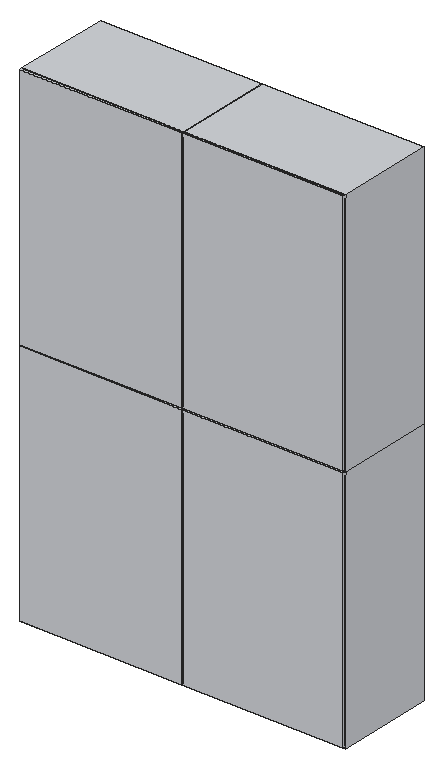
Revit family "LSN Configuration-C", category Electrical Equipment, host Face, Revit 2021 (continued)
Definition of nested family "LSN-1"
  Definition of nested family "Door"
    Lines and regions (in)
      model lines
        curve 479: line (-4.68764, -0.5, 38.43688) -> (-4.93764, -0.5, 38.43688)
        curve 480: line (-4.68764, -0.5, 41.43688) -> (-4.68764, -0.5, 38.43688)
        curve 481: line (-4.37131, -0.5, 41.43688) -> (-4.12131, -0.5, 41.43688)
        curve 482: line (-4.37131, -0.5, 38.43688) -> (-4.37131, -0.5, 41.43688)
        curve 483: line (-4.12131, -0.5, 38.43688) -> (-4.37131, -0.5, 38.43688)
        curve 484: line (-4.12131, -0.5, 41.43688) -> (-4.12131, -0.5, 38.43688)
        curve 485: line (-3.80498, -0.5, 41.43688) -> (-3.55498, -0.5, 41.43688)
        curve 486: line (-3.80498, -0.5, 38.43688) -> (-3.80498, -0.5, 41.43688)
        curve 487: line (-3.55498, -0.5, 38.43688) -> (-3.80498, -0.5, 38.43688)
        curve 488: line (-3.55498, -0.5, 41.43688) -> (-3.55498, -0.5, 38.43688)
        curve 489: line (-3.23866, -0.5, 41.43688) -> (-2.98866, -0.5, 41.43688)
        curve 490: line (-3.23866, -0.5, 38.43688) -> (-3.23866, -0.5, 41.43688)
        curve 491: line (-2.98866, -0.5, 38.43688) -> (-3.23866, -0.5, 38.43688)
        curve 492: line (-2.98866, -0.5, 41.43688) -> (-2.98866, -0.5, 38.43688)
        curve 493: line (-2.67233, -0.5, 41.43688) -> (-2.42233, -0.5, 41.43688)
        curve 494: line (-2.67233, -0.5, 38.43688) -> (-2.67233, -0.5, 41.43688)
        curve 495: line (-2.42233, -0.5, 38.43688) -> (-2.67233, -0.5, 38.43688)
        curve 496: line (-2.42233, -0.5, 41.43688) -> (-2.42233, -0.5, 38.43688)
        curve 497: line (-2.106, -0.5, 41.43688) -> (-1.856, -0.5, 41.43688)
        curve 498: line (-2.106, -0.5, 38.43688) -> (-2.106, -0.5, 41.43688)
        curve 499: line (-1.856, -0.5, 38.43688) -> (-2.106, -0.5, 38.43688)
        curve 500: line (-1.856, -0.5, 41.43688) -> (-1.856, -0.5, 38.43688)
        curve 501: line (-1.53968, -0.5, 41.43688) -> (-1.28968, -0.5, 41.43688)
        curve 502: line (-1.53968, -0.5, 38.43688) -> (-1.53968, -0.5, 41.43688)
        curve 503: line (-1.28968, -0.5, 38.43688) -> (-1.53968, -0.5, 38.43688)
        curve 504: line (-1.28968, -0.5, 41.43688) -> (-1.28968, -0.5, 38.43688)
        curve 505: line (-0.97335, -0.5, 41.43688) -> (-0.72335, -0.5, 41.43688)
        curve 506: line (-0.97335, -0.5, 38.43688) -> (-0.97335, -0.5, 41.43688)
        curve 507: line (-0.72335, -0.5, 38.43688) -> (-0.97335, -0.5, 38.43688)
        curve 508: line (-0.72335, -0.5, 41.43688) -> (-0.72335, -0.5, 38.43688)
        curve 509: line (-0.40702, -0.5, 41.43688) -> (-0.15702, -0.5, 41.43688)
        curve 510: line (-0.40702, -0.5, 38.43688) -> (-0.40702, -0.5, 41.43688)
        curve 511: line (-0.15702, -0.5, 38.43688) -> (-0.40702, -0.5, 38.43688)
        curve 512: line (-0.15702, -0.5, 41.43688) -> (-0.15702, -0.5, 38.43688)
        curve 513: line (0.1593, -0.5, 41.43688) -> (0.4093, -0.5, 41.43688)
        curve 514: line (0.1593, -0.5, 38.43688) -> (0.1593, -0.5, 41.43688)
        curve 515: line (0.4093, -0.5, 38.43688) -> (0.1593, -0.5, 38.43688)
        curve 516: line (0.4093, -0.5, 41.43688) -> (0.4093, -0.5, 38.43688)
        curve 517: line (0.72563, -0.5, 41.43688) -> (0.97563, -0.5, 41.43688)
        curve 518: line (0.72563, -0.5, 38.43688) -> (0.72563, -0.5, 41.43688)
        curve 519: line (0.97563, -0.5, 38.43688) -> (0.72563, -0.5, 38.43688)
        curve 520: line (0.97563, -0.5, 41.43688) -> (0.97563, -0.5, 38.43688)
        curve 521: line (1.29196, -0.5, 41.43688) -> (1.54196, -0.5, 41.43688)
        curve 522: line (1.29196, -0.5, 38.43688) -> (1.29196, -0.5, 41.43688)
        curve 523: line (1.54196, -0.5, 38.43688) -> (1.29196, -0.5, 38.43688)
        curve 524: line (1.54196, -0.5, 41.43688) -> (1.54196, -0.5, 38.43688)
        curve 525: line (1.85828, -0.5, 41.43688) -> (2.10828, -0.5, 41.43688)
        curve 526: line (1.85828, -0.5, 38.43688) -> (1.85828, -0.5, 41.43688)
        curve 527: line (2.10828, -0.5, 38.43688) -> (1.85828, -0.5, 38.43688)
        curve 528: line (2.10828, -0.5, 41.43688) -> (2.10828, -0.5, 38.43688)
        curve 529: line (2.42461, -0.5, 41.43688) -> (2.67461, -0.5, 41.43688)
        curve 530: line (2.42461, -0.5, 38.43688) -> (2.42461, -0.5, 41.43688)
        curve 531: line (2.67461, -0.5, 38.43688) -> (2.42461, -0.5, 38.43688)
        curve 532: line (2.67461, -0.5, 41.43688) -> (2.67461, -0.5, 38.43688)
        curve 533: line (2.99094, -0.5, 41.43688) -> (3.24094, -0.5, 41.43688)
        curve 534: line (2.99094, -0.5, 38.43688) -> (2.99094, -0.5, 41.43688)
        curve 535: line (3.24094, -0.5, 38.43688) -> (2.99094, -0.5, 38.43688)
        curve 536: line (3.24094, -0.5, 41.43688) -> (3.24094, -0.5, 38.43688)
        curve 537: line (3.55726, -0.5, 41.43688) -> (3.80726, -0.5, 41.43688)
        curve 538: line (3.55726, -0.5, 38.43688) -> (3.55726, -0.5, 41.43688)
        curve 539: line (3.80726, -0.5, 38.43688) -> (3.55726, -0.5, 38.43688)
        curve 540: line (3.80726, -0.5, 41.43688) -> (3.80726, -0.5, 38.43688)
        curve 541: line (4.12359, -0.5, 41.43688) -> (4.37359, -0.5, 41.43688)
        curve 542: line (4.12359, -0.5, 38.43688) -> (4.12359, -0.5, 41.43688)
        curve 543: line (4.37359, -0.5, 38.43688) -> (4.12359, -0.5, 38.43688)
        curve 544: line (4.37359, -0.5, 41.43688) -> (4.37359, -0.5, 38.43688)
        curve 545: line (4.68992, -0.5, 41.43688) -> (4.93992, -0.5, 41.43688)
        curve 546: line (4.68992, -0.5, 38.43688) -> (4.68992, -0.5, 41.43688)
        curve 547: line (4.93992, -0.5, 38.43688) -> (4.68992, -0.5, 38.43688)
        curve 548: line (4.93992, -0.5, 41.43688) -> (4.93992, -0.5, 38.43688)
        curve 549: line (5.25624, -0.5, 41.43688) -> (5.50624, -0.5, 41.43688)
        curve 550: line (5.25624, -0.5, 38.43688) -> (5.25624, -0.5, 41.43688)
        curve 551: line (5.50624, -0.5, 38.43688) -> (5.25624, -0.5, 38.43688)
        curve 552: line (5.50624, -0.5, 41.43688) -> (5.50624, -0.5, 38.43688)
        curve 553: line (5.82257, -0.5, 41.43688) -> (6.07257, -0.5, 41.43688)
        curve 554: line (5.82257, -0.5, 38.43688) -> (5.82257, -0.5, 41.43688)
        curve 555: line (6.07257, -0.5, 38.43688) -> (5.82257, -0.5, 38.43688)
        curve 556: line (6.07257, -0.5, 41.43688) -> (6.07257, -0.5, 38.43688)
        curve 557: line (6.3889, -0.5, 41.43688) -> (6.6389, -0.5, 41.43688)
        curve 558: line (6.3889, -0.5, 38.43688) -> (6.3889, -0.5, 41.43688)
        curve 559: line (6.6389, -0.5, 38.43688) -> (6.3889, -0.5, 38.43688)
        curve 560: line (6.6389, -0.5, 41.43688) -> (6.6389, -0.5, 38.43688)
        curve 561: line (6.95522, -0.5, 41.43688) -> (7.20522, -0.5, 41.43688)
        curve 562: line (6.95522, -0.5, 38.43688) -> (6.95522, -0.5, 41.43688)
        curve 563: line (7.20522, -0.5, 38.43688) -> (6.95522, -0.5, 38.43688)
        curve 564: line (7.20522, -0.5, 41.43688) -> (7.20522, -0.5, 38.43688)
        curve 565: line (7.52155, -0.5, 41.43688) -> (7.77155, -0.5, 41.43688)
        curve 566: line (7.52155, -0.5, 38.43688) -> (7.52155, -0.5, 41.43688)
        curve 567: line (7.77155, -0.5, 38.43688) -> (7.52155, -0.5, 38.43688)
        curve 568: line (7.77155, -0.5, 41.43688) -> (7.77155, -0.5, 38.43688)
        curve 569: line (8.08788, -0.5, 41.43688) -> (8.33788, -0.5, 41.43688)
        curve 570: line (8.08788, -0.5, 38.43688) -> (8.08788, -0.5, 41.43688)
        curve 571: line (8.33788, -0.5, 38.43688) -> (8.08788, -0.5, 38.43688)
        curve 572: line (8.33788, -0.5, 41.43688) -> (8.33788, -0.5, 38.43688)
        curve 573: line (8.6542, -0.5, 41.43688) -> (8.9042, -0.5, 41.43688)
        curve 574: line (8.6542, -0.5, 38.43688) -> (8.6542, -0.5, 41.43688)
        curve 575: line (8.9042, -0.5, 38.43688) -> (8.6542, -0.5, 38.43688)
        curve 576: line (8.9042, -0.5, 41.43688) -> (8.9042, -0.5, 38.43688)
        curve 577: line (9.22053, -0.5, 41.43688) -> (9.47053, -0.5, 41.43688)
        curve 578: line (9.22053, -0.5, 38.43688) -> (9.22053, -0.5, 41.43688)
        curve 579: line (9.47053, -0.5, 38.43688) -> (9.22053, -0.5, 38.43688)
        curve 580: line (9.47053, -0.5, 41.43688) -> (9.47053, -0.5, 38.43688)
        curve 581: line (9.78685, -0.5, 41.43688) -> (10.03685, -0.5, 41.43688)
        curve 582: line (9.78685, -0.5, 38.43688) -> (9.78685, -0.5, 41.43688)
        curve 583: line (10.03685, -0.5, 38.43688) -> (9.78685, -0.5, 38.43688)
        curve 584: line (10.03685, -0.5, 41.43688) -> (10.03685, -0.5, 38.43688)
        curve 585: line (10.35318, -0.5, 41.43688) -> (10.60318, -0.5, 41.43688)
        curve 586: line (10.35318, -0.5, 38.43688) -> (10.35318, -0.5, 41.43688)
        curve 587: line (10.60318, -0.5, 38.43688) -> (10.35318, -0.5, 38.43688)
        curve 588: line (10.60318, -0.5, 41.43688) -> (10.60318, -0.5, 38.43688)
        curve 589: line (10.91951, -0.5, 41.43688) -> (11.16951, -0.5, 41.43688)
        curve 590: line (10.91951, -0.5, 38.43688) -> (10.91951, -0.5, 41.43688)
        curve 591: line (11.16951, -0.5, 38.43688) -> (10.91951, -0.5, 38.43688)
        curve 592: line (11.16951, -0.5, 41.43688) -> (11.16951, -0.5, 38.43688)
        curve 593: line (11.48583, -0.5, 41.43688) -> (11.73583, -0.5, 41.43688)
        curve 594: line (11.48583, -0.5, 38.43688) -> (11.48583, -0.5, 41.43688)
        curve 595: line (11.73583, -0.5, 38.43688) -> (11.48583, -0.5, 38.43688)
        curve 596: line (11.73583, -0.5, 41.43688) -> (11.73583, -0.5, 38.43688)
        curve 597: line (12.05216, -0.5, 41.43688) -> (12.30216, -0.5, 41.43688)
        curve 598: line (12.05216, -0.5, 38.43688) -> (12.05216, -0.5, 41.43688)
        curve 599: line (12.30216, -0.5, 38.43688) -> (12.05216, -0.5, 38.43688)
        curve 600: line (12.30216, -0.5, 41.43688) -> (12.30216, -0.5, 38.43688)
        curve 601: line (12.61849, -0.5, 41.43688) -> (12.86849, -0.5, 41.43688)
        curve 602: line (12.61849, -0.5, 38.43688) -> (12.61849, -0.5, 41.43688)
        curve 603: line (12.86849, -0.5, 38.43688) -> (12.61849, -0.5, 38.43688)
        curve 604: line (12.86849, -0.5, 41.43688) -> (12.86849, -0.5, 38.43688)
        curve 605: line (13.18481, -0.5, 41.43688) -> (13.43481, -0.5, 41.43688)
        curve 606: line (13.18481, -0.5, 38.43688) -> (13.18481, -0.5, 41.43688)
        curve 607: line (13.43481, -0.5, 38.43688) -> (13.18481, -0.5, 38.43688)
        curve 608: line (13.43481, -0.5, 41.43688) -> (13.43481, -0.5, 38.43688)
        curve 609: line (-13.99886, -0.5, 44.81188) -> (-13.74886, -0.5, 44.81188)
        curve 610: line (-13.99886, -0.5, 41.81188) -> (-13.99886, -0.5, 44.81188)
        curve 611: line (-13.74886, -0.5, 41.81188) -> (-13.99886, -0.5, 41.81188)
        curve 612: line (-13.74886, -0.5, 44.81188) -> (-13.74886, -0.5, 41.81188)
        curve 613: line (13.75114, -0.5, 44.81188) -> (14.00114, -0.5, 44.81188)
        curve 614: line (13.75114, -0.5, 41.81188) -> (13.75114, -0.5, 44.81188)
        curve 615: line (14.00114, -0.5, 41.81188) -> (13.75114, -0.5, 41.81188)
        curve 616: line (14.00114, -0.5, 44.81188) -> (14.00114, -0.5, 41.81188)
        curve 617: line (-13.43253, -0.5, 44.81188) -> (-13.18253, -0.5, 44.81188)
        curve 618: line (-13.43253, -0.5, 41.81188) -> (-13.43253, -0.5, 44.81188)
        curve 619: line (-13.18253, -0.5, 41.81188) -> (-13.43253, -0.5, 41.81188)
        curve 620: line (-13.18253, -0.5, 44.81188) -> (-13.18253, -0.5, 41.81188)
        curve 621: line (-12.86621, -0.5, 44.81188) -> (-12.61621, -0.5, 44.81188)
        curve 622: line (-12.86621, -0.5, 41.81188) -> (-12.86621, -0.5, 44.81188)
        curve 623: line (-12.61621, -0.5, 41.81188) -> (-12.86621, -0.5, 41.81188)
        curve 624: line (-12.61621, -0.5, 44.81188) -> (-12.61621, -0.5, 41.81188)
        curve 625: line (-12.29988, -0.5, 44.81188) -> (-12.04988, -0.5, 44.81188)
        curve 626: line (-12.29988, -0.5, 41.81188) -> (-12.29988, -0.5, 44.81188)
        curve 627: line (-12.04988, -0.5, 41.81188) -> (-12.29988, -0.5, 41.81188)
        curve 628: line (-12.04988, -0.5, 44.81188) -> (-12.04988, -0.5, 41.81188)
        curve 629: line (-11.73355, -0.5, 44.81188) -> (-11.48355, -0.5, 44.81188)
        curve 630: line (-11.73355, -0.5, 41.81188) -> (-11.73355, -0.5, 44.81188)
        curve 631: line (-11.48355, -0.5, 41.81188) -> (-11.73355, -0.5, 41.81188)
        curve 632: line (-11.48355, -0.5, 44.81188) -> (-11.48355, -0.5, 41.81188)
        curve 633: line (-11.16723, -0.5, 44.81188) -> (-10.91723, -0.5, 44.81188)
        curve 634: line (-11.16723, -0.5, 41.81188) -> (-11.16723, -0.5, 44.81188)
        curve 635: line (-10.91723, -0.5, 41.81188) -> (-11.16723, -0.5, 41.81188)
        curve 636: line (-10.91723, -0.5, 44.81188) -> (-10.91723, -0.5, 41.81188)
        curve 637: line (-10.6009, -0.5, 44.81188) -> (-10.3509, -0.5, 44.81188)
        curve 638: line (-10.6009, -0.5, 41.81188) -> (-10.6009, -0.5, 44.81188)
        curve 639: line (-10.3509, -0.5, 41.81188) -> (-10.6009, -0.5, 41.81188)
        curve 640: line (-10.3509, -0.5, 44.81188) -> (-10.3509, -0.5, 41.81188)
        curve 641: line (-10.03457, -0.5, 44.81188) -> (-9.78457, -0.5, 44.81188)
        curve 642: line (-10.03457, -0.5, 41.81188) -> (-10.03457, -0.5, 44.81188)
        curve 643: line (-9.78457, -0.5, 41.81188) -> (-10.03457, -0.5, 41.81188)
        curve 644: line (-9.78457, -0.5, 44.81188) -> (-9.78457, -0.5, 41.81188)
        curve 645: line (-9.46825, -0.5, 44.81188) -> (-9.21825, -0.5, 44.81188)
        curve 646: line (-9.46825, -0.5, 41.81188) -> (-9.46825, -0.5, 44.81188)
        curve 647: line (-9.21825, -0.5, 41.81188) -> (-9.46825, -0.5, 41.81188)
        curve 648: line (-9.21825, -0.5, 44.81188) -> (-9.21825, -0.5, 41.81188)
        curve 649: line (-8.90192, -0.5, 44.81188) -> (-8.65192, -0.5, 44.81188)
        curve 650: line (-8.90192, -0.5, 41.81188) -> (-8.90192, -0.5, 44.81188)
        curve 651: line (-8.65192, -0.5, 41.81188) -> (-8.90192, -0.5, 41.81188)
        curve 652: line (-8.65192, -0.5, 44.81188) -> (-8.65192, -0.5, 41.81188)
        curve 653: line (-8.33559, -0.5, 44.81188) -> (-8.08559, -0.5, 44.81188)
        curve 654: line (-8.33559, -0.5, 41.81188) -> (-8.33559, -0.5, 44.81188)
        curve 655: line (-8.08559, -0.5, 41.81188) -> (-8.33559, -0.5, 41.81188)
        curve 656: line (-8.08559, -0.5, 44.81188) -> (-8.08559, -0.5, 41.81188)
        curve 657: line (-7.76927, -0.5, 44.81188) -> (-7.51927, -0.5, 44.81188)
        curve 658: line (-7.76927, -0.5, 41.81188) -> (-7.76927, -0.5, 44.81188)
        curve 659: line (-7.51927, -0.5, 41.81188) -> (-7.76927, -0.5, 41.81188)
        curve 660: line (-7.51927, -0.5, 44.81188) -> (-7.51927, -0.5, 41.81188)
        curve 661: line (-7.20294, -0.5, 44.81188) -> (-6.95294, -0.5, 44.81188)
        curve 662: line (-7.20294, -0.5, 41.81188) -> (-7.20294, -0.5, 44.81188)
        curve 663: line (-6.95294, -0.5, 41.81188) -> (-7.20294, -0.5, 41.81188)
        curve 664: line (-6.95294, -0.5, 44.81188) -> (-6.95294, -0.5, 41.81188)
        curve 665: line (-6.63661, -0.5, 44.81188) -> (-6.38661, -0.5, 44.81188)
        curve 666: line (-6.63661, -0.5, 41.81188) -> (-6.63661, -0.5, 44.81188)
        curve 667: line (-6.38661, -0.5, 41.81188) -> (-6.63661, -0.5, 41.81188)
        curve 668: line (-6.38661, -0.5, 44.81188) -> (-6.38661, -0.5, 41.81188)
        curve 669: line (-6.07029, -0.5, 44.81188) -> (-5.82029, -0.5, 44.81188)
        curve 670: line (-6.07029, -0.5, 41.81188) -> (-6.07029, -0.5, 44.81188)
        curve 671: line (-5.82029, -0.5, 41.81188) -> (-6.07029, -0.5, 41.81188)
        curve 672: line (-5.82029, -0.5, 44.81188) -> (-5.82029, -0.5, 41.81188)
        curve 673: line (-5.50396, -0.5, 44.81188) -> (-5.25396, -0.5, 44.81188)
        curve 674: line (-5.50396, -0.5, 41.81188) -> (-5.50396, -0.5, 44.81188)
        curve 675: line (-5.25396, -0.5, 41.81188) -> (-5.50396, -0.5, 41.81188)
        curve 676: line (-5.25396, -0.5, 44.81188) -> (-5.25396, -0.5, 41.81188)
        curve 677: line (-4.93764, -0.5, 44.81188) -> (-4.68764, -0.5, 44.81188)
        curve 678: line (-4.93764, -0.5, 41.81188) -> (-4.93764, -0.5, 44.81188)
        curve 679: line (-4.68764, -0.5, 41.81188) -> (-4.93764, -0.5, 41.81188)
        curve 680: line (-4.68764, -0.5, 44.81188) -> (-4.68764, -0.5, 41.81188)
        curve 681: line (-4.37131, -0.5, 44.81188) -> (-4.12131, -0.5, 44.81188)
        curve 682: line (-4.37131, -0.5, 41.81188) -> (-4.37131, -0.5, 44.81188)
        curve 683: line (-4.12131, -0.5, 41.81188) -> (-4.37131, -0.5, 41.81188)
        curve 684: line (-4.12131, -0.5, 44.81188) -> (-4.12131, -0.5, 41.81188)
        curve 685: line (-3.80498, -0.5, 44.81188) -> (-3.55498, -0.5, 44.81188)
        curve 686: line (-3.80498, -0.5, 41.81188) -> (-3.80498, -0.5, 44.81188)
        curve 687: line (-3.55498, -0.5, 41.81188) -> (-3.80498, -0.5, 41.81188)
        curve 688: line (-3.55498, -0.5, 44.81188) -> (-3.55498, -0.5, 41.81188)
        curve 689: line (-3.23866, -0.5, 44.81188) -> (-2.98866, -0.5, 44.81188)
        curve 690: line (-3.23866, -0.5, 41.81188) -> (-3.23866, -0.5, 44.81188)
        curve 691: line (-2.98866, -0.5, 41.81188) -> (-3.23866, -0.5, 41.81188)
        curve 692: line (-2.98866, -0.5, 44.81188) -> (-2.98866, -0.5, 41.81188)
        curve 693: line (-2.67233, -0.5, 44.81188) -> (-2.42233, -0.5, 44.81188)
        curve 694: line (-2.67233, -0.5, 41.81188) -> (-2.67233, -0.5, 44.81188)
        curve 695: line (-2.42233, -0.5, 41.81188) -> (-2.67233, -0.5, 41.81188)
        curve 696: line (-2.42233, -0.5, 44.81188) -> (-2.42233, -0.5, 41.81188)
        curve 697: line (-2.106, -0.5, 44.81188) -> (-1.856, -0.5, 44.81188)
        curve 698: line (-2.106, -0.5, 41.81188) -> (-2.106, -0.5, 44.81188)
        curve 699: line (-1.856, -0.5, 41.81188) -> (-2.106, -0.5, 41.81188)
        curve 700: line (-1.856, -0.5, 44.81188) -> (-1.856, -0.5, 41.81188)
        curve 701: line (-1.53968, -0.5, 44.81188) -> (-1.28968, -0.5, 44.81188)
        curve 702: line (-1.53968, -0.5, 41.81188) -> (-1.53968, -0.5, 44.81188)
        curve 703: line (-1.28968, -0.5, 41.81188) -> (-1.53968, -0.5, 41.81188)
        curve 704: line (-1.28968, -0.5, 44.81188) -> (-1.28968, -0.5, 41.81188)
        curve 705: line (-0.97335, -0.5, 44.81188) -> (-0.72335, -0.5, 44.81188)
        curve 706: line (-0.97335, -0.5, 41.81188) -> (-0.97335, -0.5, 44.81188)
        curve 707: line (-0.72335, -0.5, 41.81188) -> (-0.97335, -0.5, 41.81188)
        curve 708: line (-0.72335, -0.5, 44.81188) -> (-0.72335, -0.5, 41.81188)
        curve 709: line (-0.40702, -0.5, 44.81188) -> (-0.15702, -0.5, 44.81188)
        curve 710: line (-0.40702, -0.5, 41.81188) -> (-0.40702, -0.5, 44.81188)
        curve 711: line (-0.15702, -0.5, 41.81188) -> (-0.40702, -0.5, 41.81188)
        curve 712: line (-0.15702, -0.5, 44.81188) -> (-0.15702, -0.5, 41.81188)
        curve 713: line (0.1593, -0.5, 44.81188) -> (0.4093, -0.5, 44.81188)
        curve 714: line (0.1593, -0.5, 41.81188) -> (0.1593, -0.5, 44.81188)
        curve 715: line (0.4093, -0.5, 41.81188) -> (0.1593, -0.5, 41.81188)
        curve 716: line (0.4093, -0.5, 44.81188) -> (0.4093, -0.5, 41.81188)
        curve 717: line (0.72563, -0.5, 44.81188) -> (0.97563, -0.5, 44.81188)
        curve 718: line (0.72563, -0.5, 41.81188) -> (0.72563, -0.5, 44.81188)
        curve 719: line (0.97563, -0.5, 41.81188) -> (0.72563, -0.5, 41.81188)
        curve 720: line (0.97563, -0.5, 44.81188) -> (0.97563, -0.5, 41.81188)
        curve 721: line (1.29196, -0.5, 44.81188) -> (1.54196, -0.5, 44.81188)
        curve 722: line (1.29196, -0.5, 41.81188) -> (1.29196, -0.5, 44.81188)
        curve 723: line (1.54196, -0.5, 41.81188) -> (1.29196, -0.5, 41.81188)
        curve 724: line (1.54196, -0.5, 44.81188) -> (1.54196, -0.5, 41.81188)
        curve 725: line (1.85828, -0.5, 44.81188) -> (2.10828, -0.5, 44.81188)
        curve 726: line (1.85828, -0.5, 41.81188) -> (1.85828, -0.5, 44.81188)
        curve 727: line (2.10828, -0.5, 41.81188) -> (1.85828, -0.5, 41.81188)
        curve 728: line (2.10828, -0.5, 44.81188) -> (2.10828, -0.5, 41.81188)
        curve 729: line (2.42461, -0.5, 44.81188) -> (2.67461, -0.5, 44.81188)
        curve 730: line (2.42461, -0.5, 41.81188) -> (2.42461, -0.5, 44.81188)
        curve 731: line (2.67461, -0.5, 41.81188) -> (2.42461, -0.5, 41.81188)
        curve 732: line (2.67461, -0.5, 44.81188) -> (2.67461, -0.5, 41.81188)
        curve 733: line (2.99094, -0.5, 44.81188) -> (3.24094, -0.5, 44.81188)
        curve 734: line (2.99094, -0.5, 41.81188) -> (2.99094, -0.5, 44.81188)
        curve 735: line (3.24094, -0.5, 41.81188) -> (2.99094, -0.5, 41.81188)
        curve 736: line (3.24094, -0.5, 44.81188) -> (3.24094, -0.5, 41.81188)
        curve 737: line (3.55726, -0.5, 44.81188) -> (3.80726, -0.5, 44.81188)
        curve 738: line (3.55726, -0.5, 41.81188) -> (3.55726, -0.5, 44.81188)
        curve 739: line (3.80726, -0.5, 41.81188) -> (3.55726, -0.5, 41.81188)
        curve 740: line (3.80726, -0.5, 44.81188) -> (3.80726, -0.5, 41.81188)
        curve 741: line (4.12359, -0.5, 44.81188) -> (4.37359, -0.5, 44.81188)
        curve 742: line (4.12359, -0.5, 41.81188) -> (4.12359, -0.5, 44.81188)
        curve 743: line (4.37359, -0.5, 41.81188) -> (4.12359, -0.5, 41.81188)
        curve 744: line (4.37359, -0.5, 44.81188) -> (4.37359, -0.5, 41.81188)
        curve 745: line (4.68992, -0.5, 44.81188) -> (4.93992, -0.5, 44.81188)
        curve 746: line (4.68992, -0.5, 41.81188) -> (4.68992, -0.5, 44.81188)
        curve 747: line (4.93992, -0.5, 41.81188) -> (4.68992, -0.5, 41.81188)
        curve 748: line (4.93992, -0.5, 44.81188) -> (4.93992, -0.5, 41.81188)
        curve 749: line (5.25624, -0.5, 44.81188) -> (5.50624, -0.5, 44.81188)
        curve 750: line (5.25624, -0.5, 41.81188) -> (5.25624, -0.5, 44.81188)
        curve 751: line (5.50624, -0.5, 41.81188) -> (5.25624, -0.5, 41.81188)
        curve 752: line (5.50624, -0.5, 44.81188) -> (5.50624, -0.5, 41.81188)
        curve 753: line (5.82257, -0.5, 44.81188) -> (6.07257, -0.5, 44.81188)
        curve 754: line (5.82257, -0.5, 41.81188) -> (5.82257, -0.5, 44.81188)
        curve 755: line (6.07257, -0.5, 41.81188) -> (5.82257, -0.5, 41.81188)
        curve 756: line (6.07257, -0.5, 44.81188) -> (6.07257, -0.5, 41.81188)
        curve 757: line (6.3889, -0.5, 44.81188) -> (6.6389, -0.5, 44.81188)
        curve 758: line (6.3889, -0.5, 41.81188) -> (6.3889, -0.5, 44.81188)
        curve 759: line (6.6389, -0.5, 41.81188) -> (6.3889, -0.5, 41.81188)
        curve 760: line (6.6389, -0.5, 44.81188) -> (6.6389, -0.5, 41.81188)
        curve 761: line (6.95522, -0.5, 44.81188) -> (7.20522, -0.5, 44.81188)
        curve 762: line (6.95522, -0.5, 41.81188) -> (6.95522, -0.5, 44.81188)
        curve 763: line (7.20522, -0.5, 41.81188) -> (6.95522, -0.5, 41.81188)
        curve 764: line (7.20522, -0.5, 44.81188) -> (7.20522, -0.5, 41.81188)
        curve 765: line (7.52155, -0.5, 44.81188) -> (7.77155, -0.5, 44.81188)
        curve 766: line (7.52155, -0.5, 41.81188) -> (7.52155, -0.5, 44.81188)
        curve 767: line (7.77155, -0.5, 41.81188) -> (7.52155, -0.5, 41.81188)
        curve 768: line (7.77155, -0.5, 44.81188) -> (7.77155, -0.5, 41.81188)
        curve 769: line (8.08788, -0.5, 44.81188) -> (8.33788, -0.5, 44.81188)
        curve 770: line (8.08788, -0.5, 41.81188) -> (8.08788, -0.5, 44.81188)
        curve 771: line (8.33788, -0.5, 41.81188) -> (8.08788, -0.5, 41.81188)
        curve 772: line (8.33788, -0.5, 44.81188) -> (8.33788, -0.5, 41.81188)
        curve 773: line (8.6542, -0.5, 44.81188) -> (8.9042, -0.5, 44.81188)
        curve 774: line (8.6542, -0.5, 41.81188) -> (8.6542, -0.5, 44.81188)
        curve 775: line (8.9042, -0.5, 41.81188) -> (8.6542, -0.5, 41.81188)
        curve 776: line (8.9042, -0.5, 44.81188) -> (8.9042, -0.5, 41.81188)
        curve 777: line (9.22053, -0.5, 44.81188) -> (9.47053, -0.5, 44.81188)
        curve 778: line (9.22053, -0.5, 41.81188) -> (9.22053, -0.5, 44.81188)
        curve 779: line (9.47053, -0.5, 41.81188) -> (9.22053, -0.5, 41.81188)
        curve 780: line (9.47053, -0.5, 44.81188) -> (9.47053, -0.5, 41.81188)
        curve 781: line (9.78685, -0.5, 44.81188) -> (10.03685, -0.5, 44.81188)
        curve 782: line (9.78685, -0.5, 41.81188) -> (9.78685, -0.5, 44.81188)
        curve 783: line (10.03685, -0.5, 41.81188) -> (9.78685, -0.5, 41.81188)
        curve 784: line (10.03685, -0.5, 44.81188) -> (10.03685, -0.5, 41.81188)
        curve 785: line (10.35318, -0.5, 44.81188) -> (10.60318, -0.5, 44.81188)
        curve 786: line (10.35318, -0.5, 41.81188) -> (10.35318, -0.5, 44.81188)
        curve 787: line (10.60318, -0.5, 41.81188) -> (10.35318, -0.5, 41.81188)
        curve 788: line (10.60318, -0.5, 44.81188) -> (10.60318, -0.5, 41.81188)
        curve 789: line (10.91951, -0.5, 44.81188) -> (11.16951, -0.5, 44.81188)
        curve 790: line (10.91951, -0.5, 41.81188) -> (10.91951, -0.5, 44.81188)
        curve 791: line (11.16951, -0.5, 41.81188) -> (10.91951, -0.5, 41.81188)
        curve 792: line (11.16951, -0.5, 44.81188) -> (11.16951, -0.5, 41.81188)
        curve 793: line (11.48583, -0.5, 44.81188) -> (11.73583, -0.5, 44.81188)
        curve 794: line (11.48583, -0.5, 41.81188) -> (11.48583, -0.5, 44.81188)
        curve 795: line (11.73583, -0.5, 41.81188) -> (11.48583, -0.5, 41.81188)
        curve 796: line (11.73583, -0.5, 44.81188) -> (11.73583, -0.5, 41.81188)
        curve 797: line (12.05216, -0.5, 44.81188) -> (12.30216, -0.5, 44.81188)
        curve 798: line (12.05216, -0.5, 41.81188) -> (12.05216, -0.5, 44.81188)
        curve 799: line (12.30216, -0.5, 41.81188) -> (12.05216, -0.5, 41.81188)
        curve 800: line (12.30216, -0.5, 44.81188) -> (12.30216, -0.5, 41.81188)
        curve 801: line (12.61849, -0.5, 44.81188) -> (12.86849, -0.5, 44.81188)
        curve 802: line (12.61849, -0.5, 41.81188) -> (12.61849, -0.5, 44.81188)
        curve 803: line (12.86849, -0.5, 41.81188) -> (12.61849, -0.5, 41.81188)
        curve 804: line (12.86849, -0.5, 44.81188) -> (12.86849, -0.5, 41.81188)
        curve 805: line (13.18481, -0.5, 44.81188) -> (13.43481, -0.5, 44.81188)
        curve 806: line (13.18481, -0.5, 41.81188) -> (13.18481, -0.5, 44.81188)
        curve 807: line (13.43481, -0.5, 41.81188) -> (13.18481, -0.5, 41.81188)
        curve 808: line (13.43481, -0.5, 44.81188) -> (13.43481, -0.5, 41.81188)
    Dimensions and locks (in)
      equal spacing: plane 5, plane 3 "Center (Left/Right)", plane 4
      "Length": plane 5 to plane 4
      plane 1 "Center (Front/Back)" to plane 6 = 0.50"
      plane 7 to plane 6 = 0.10"
      "Height": plane 8 to level
      plane 8 to plane 10 = 0.50"
      plane 1 "Center (Front/Back)" to Extrusion 2 = 0.40"
      locked: plane 4 to plane 12 at 0.2
      locked: plane 11 to plane 5 at 0.2
      locked: plane 13 to plane 2 at 0.29688
      equal spacing: group 2, group 4, group 5, group 6, group 7, group 8, group 9, group 10, group 11, group 12, group 13, group 14, group 15, group 16, group 17, group 18, group 19, group 20, group 21, group 22, group 23, group 24, group 25, group 26, group 27, group 28, group 29, group 30, group 31, group 32, group 33, group 34, group 35, group 36, group 37, group 38, group 39, group 40, group 41, group 42, group 43, group 44, group 45, group 46, group 47, group 48, group 49, group 50, group 51, group 3  (x3)
      aligned and locked: plane 2 to level
      aligned and locked: Extrusion 1 sketch curve to plane 8
      aligned and locked: Extrusion 1 sketch curve to plane 6
      aligned and locked: plane 7 to Extrusion 1 sketch curve
      aligned and locked: plane 1 "Center (Front/Back)" to Extrusion 1 sketch curve
      aligned and locked: Extrusion 1 to plane 10
      aligned and locked: plane 9 to Extrusion 1
      aligned and locked: Extrusion 1 to plane 5
      aligned and locked: plane 4 to Extrusion 1
      aligned and locked: Extrusion 2 sketch curve to plane 11
      aligned and locked: plane 1 "Center (Front/Back)" to Extrusion 2 sketch curve
      aligned and locked: Extrusion 2 sketch curve to plane 12
      aligned and locked: plane 10 to Extrusion 2
      aligned and locked: Extrusion 2 to plane 9
      aligned and locked: Extrusion 2 sketch curve to plane 7  (x2)
    Automatic sketch dimensions
      curve 1 to plane 5 = 0.00"
      plane 6 to curve 2 = 0.00"
      plane 4 to curve 2 = 3.75"
      curve 1 to curve 1 = 1.75"
      Extrusion 3 sketch curve to Extrusion 3 sketch curve = 0.25"
      Extrusion 3 sketch curve to Extrusion 3 sketch curve = 3.00"
      Extrusion 1 sketch curve to plane 1 "Center (Front/Back)" = 0.00"
      Extrusion 1 sketch curve to plane 9 = 0.00"
      Extrusion 1 sketch curve to plane 10 = 0.00"
      curve 3 to curve 5 = 7.50"
      curve 7 to curve 3 = 4.46342"
      curve 6 to curve 4 = 1.26497"
      curve 4 to curve 6 = 13.50"
      Extrusion 2 sketch curve to plane 5 = 0.00"
      Extrusion 2 sketch curve to plane 4 = 0.00"
      plane 1 "Center (Front/Back)" to Extrusion 2 sketch curve = 0.00"
      curve 6 to plane 3 "Center (Left/Right)" = 0.00"
      plane 11 to curve 7 = 1.96352"
      curve 7 to plane 10 = 21.11695"
      plane 12 to curve 3 = 1.30"
      level to Extrusion 1 sketch curve = 0.29688"
      radius of curve 6 = 0.50"
      radius of curve 7 = 0.50"
